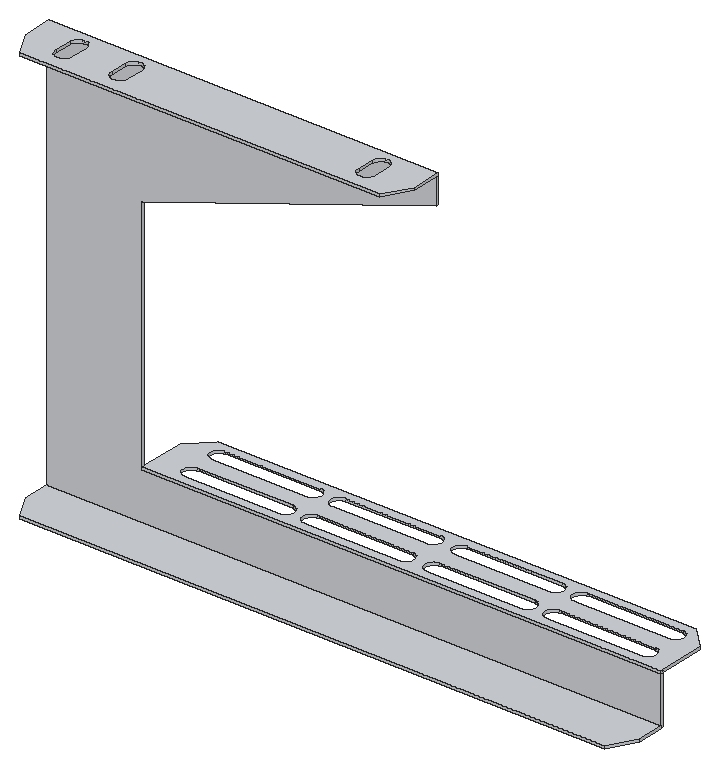
Revit family "TTH300", category Generic Models, Revit 2017
Family settings
  Can host rebar = No
  Round Connector Dimension = Use Diameter
  Part Type = Normal
  Work Plane-Based = Yes
  Always vertical = No
  Cut with Voids When Loaded = No
  Shared = No
  Room Calculation Point = No
Parameters (values of type "NBS Standard Parameters")
  Weight = "0.59Kg"
  WarrantyStartDate [instance] = "1900-12-31T23:59:59"
  WarrantyGuarantorParts = "n/a"
  WarrantyGuarantorLabor = "n/a"
  WarrantyDurationUnit = "year"
  WarrantyDurationParts = "n/a"
  WarrantyDurationLabor = "n/a"
  WarrantyDescription = "n/a"
  Version = "1"
  Uniclass2 = "PR_65_70_11_18"
  TagNumber [instance] = "n/a"
  SustainabilityPerformance = "n/a"
  Size = "300"
  Shape = ""
  SerialNumber [instance] = "n/a"
  Revision = "n/a"
  ReplacementCost = "n/a"
  ProductInformation = "www.metpro.co.uk/pdf/tth300.pdf"
  NominalWidth = 71 mm
  NominalLength = 355 mm
  NominalHeight = 240 mm
  Name = ""
  NBSTypeID = ""
  NBSReference = "90-55-10/410"
  NBSOfficeMasterTag = ""
  NBSNote = ""
  NBSDescription = "Cable Trunking"
  NBSCertification = ""
  ModelReference = "TTH300"
  ModelNumber = "n/a"
  Material = "Pre Galvanised Steel"
  ManufacturerURL = "www.metpro.co.uk"
  ManufacturerName = "Metpro Ltd"
  Keynote = "Compliant to LU Standard 1-085"
  InstallationDate [instance] = "1900-12-31T23:59:59"
  IfcExportType = ""
  IfcExportAs = ""
  Grade = "n/a"
  Finish = "Pre Galvanised"
  Features = "n/a"
  ExpectedLife = "n/a"
  DurationUnit = "year"
  Description = "TTH300 -300mm Tray Hanger"
  Default Elevation = 1219.2 mm
  Constituents = "n/a"
  Color = "n/a"
  CodePerformance = "n/a"
  Category = "n/a"
  BarCode [instance] = "n/a"
  BIMObjectName = "Metpro_metprolibrary_cabletrunking_supportsystem_hangingbracket"
  Author = "Metpro Ltd"
  AssetType = ""
  AssetIdentifier [instance] = "n/a"
  AccessibilityPerformance = "n/a"
Reference planes
  plane 1 "Center (Front/Back)": y = 0
  plane 2: z = 0
  plane 3 "Center (Left/Right)": x = 0
Forms (mm)
  Extrusion 1, solid
    sketch origin (0, -27.618, 22.127) x (1, 0, 0) y (0, 0, 1)
      loop
        line (-19.975, 93.727) -> (-19.975, -146.273) -> (335.025, -146.273) -> (335.025, -116.273) -> (35.025, -116.273) -> (35.025, 21.141) -> (205.025, 78.727) -> (205.025, 93.727) -> (-19.975, 93.727)
    from 0 to 1.4
  Extrusion 2, solid
    sketch origin (-19.975, -27.618, -124.145) x (0, -1, 0) y (-1, 0, 0)
      loop
        line (1.4, 0) -> (1.4, -355) -> (17.067, -355) -> (31.5, -346.667) -> (31.5, -8.333) -> (17.067, 0) -> (1.4, 0)
    from -1.4 to 0
  Extrusion 3, solid
    sketch origin (-19.975, -27.618, 115.855) x (1, 0, 0) y (0, 1, 0)
      loop
        line (0, 0) -> (0, -17.067) -> (8.333, -31.5) -> (216.667, -31.5) -> (225, -17.067) -> (225, 0) -> (0, 0)
    from 0 to 1.4
  Extrusion 4, solid
    sketch origin (135.025, -27.618, -94.145) x (-1, 0, 0) y (0, -1, 0)
      loop
        line (100, 1.609) -> (-200, 1.609) -> (-200, -26.391) -> (-188, -38.391) -> (88, -38.391) -> (100, -26.391) -> (100, 1.609)
    from -1.4 to 0
  Extrusion 5, void
    sketch origin (-19.975, -27.618, 117.255) x (0, 1, 0) y (1, 0, 0)
      loop
        line (-9.716, 204.564) -> (-19.716, 204.564)
        arc (-19.716, 204.564) -> (-24.716, 199.564) -> (-19.716, 194.564) r 5
        line (-19.716, 194.564) -> (-9.716, 194.564)
        arc (-9.716, 194.564) -> (-4.716, 199.564) -> (-9.716, 204.564) r 5
      loop
        line (-9.716, 61.817) -> (-19.716, 61.817)
        arc (-19.716, 61.817) -> (-24.716, 56.817) -> (-19.716, 51.817) r 5
        line (-19.716, 51.817) -> (-9.716, 51.817)
        arc (-9.716, 51.817) -> (-4.716, 56.817) -> (-9.716, 61.817) r 5
      loop
        line (-9.716, 29.564) -> (-19.716, 29.564)
        arc (-19.716, 29.564) -> (-24.716, 24.564) -> (-19.716, 19.564) r 5
        line (-19.716, 19.564) -> (-9.716, 19.564)
        arc (-9.716, 19.564) -> (-4.716, 24.564) -> (-9.716, 29.564) r 5
    from 0 to 1.4
  Extrusion 6, void
    sketch origin (-19.975, -27.618, -122.745) x (0, -1, 0) y (1, 0, 0)
      loop
        line (9.716, 19.564) -> (19.716, 19.564)
        arc (19.716, 19.564) -> (24.716, 24.564) -> (19.716, 29.564) r 5
        line (19.716, 29.564) -> (9.716, 29.564)
        arc (9.716, 29.564) -> (4.716, 24.564) -> (9.716, 19.564) r 5
    from 0 to 1.4
  Extrusion 7, void
    sketch origin (135.025, -27.618, -94.145) x (0, -1, 0) y (-1, 0, 0)
      loop
        line (-3.391, -184.375) -> (-3.391, -130.085)
        arc (-3.391, -130.085) -> (-8.391, -125.085) -> (-13.391, -130.085) r 5
        line (-13.391, -130.085) -> (-13.391, -184.375)
        arc (-13.391, -184.375) -> (-8.391, -189.375) -> (-3.391, -184.375) r 5
      loop
        arc (-3.391, -60.625) -> (-8.391, -55.625) -> (-13.391, -60.625) r 5
        line (-13.391, -60.625) -> (-13.391, -114.915)
        arc (-13.391, -114.915) -> (-8.391, -119.915) -> (-3.391, -114.915) r 5
        line (-3.391, -114.915) -> (-3.391, -60.625)
      loop
        arc (-3.391, 79.375) -> (-8.391, 84.375) -> (-13.391, 79.375) r 5
        line (-13.391, 79.375) -> (-13.391, 25.085)
        arc (-13.391, 25.085) -> (-8.391, 20.085) -> (-3.391, 25.085) r 5
        line (-3.391, 25.085) -> (-3.391, 79.375)
      loop
        line (-3.391, -44.375) -> (-3.391, 9.915)
        arc (-3.391, 9.915) -> (-8.391, 14.915) -> (-13.391, 9.915) r 5
        line (-13.391, 9.915) -> (-13.391, -44.375)
        arc (-13.391, -44.375) -> (-8.391, -49.375) -> (-3.391, -44.375) r 5
      loop
        arc (-33.391, -184.375) -> (-28.391, -189.375) -> (-23.391, -184.375) r 5
        line (-23.391, -184.375) -> (-23.391, -130.085)
        arc (-23.391, -130.085) -> (-28.391, -125.085) -> (-33.391, -130.085) r 5
        line (-33.391, -130.085) -> (-33.391, -184.375)
      loop
        line (-33.391, -60.625) -> (-33.391, -114.915)
        arc (-33.391, -114.915) -> (-28.391, -119.915) -> (-23.391, -114.915) r 5
        line (-23.391, -114.915) -> (-23.391, -60.625)
        arc (-23.391, -60.625) -> (-28.391, -55.625) -> (-33.391, -60.625) r 5
      loop
        line (-33.391, 79.375) -> (-33.391, 25.085)
        arc (-33.391, 25.085) -> (-28.391, 20.085) -> (-23.391, 25.085) r 5
        line (-23.391, 25.085) -> (-23.391, 79.375)
        arc (-23.391, 79.375) -> (-28.391, 84.375) -> (-33.391, 79.375) r 5
      loop
        arc (-33.391, -44.375) -> (-28.391, -49.375) -> (-23.391, -44.375) r 5
        line (-23.391, -44.375) -> (-23.391, 9.915)
        arc (-23.391, 9.915) -> (-28.391, 14.915) -> (-33.391, 9.915) r 5
        line (-33.391, 9.915) -> (-33.391, -44.375)
    from 0 to 1.4
Cuts and joins
  Extrusion 5 cuts Extrusion 3
  Extrusion 6 cuts Extrusion 2
  Extrusion 7 cuts Extrusion 4
Dimensions and locks
  aligned and locked: level to plane 2
